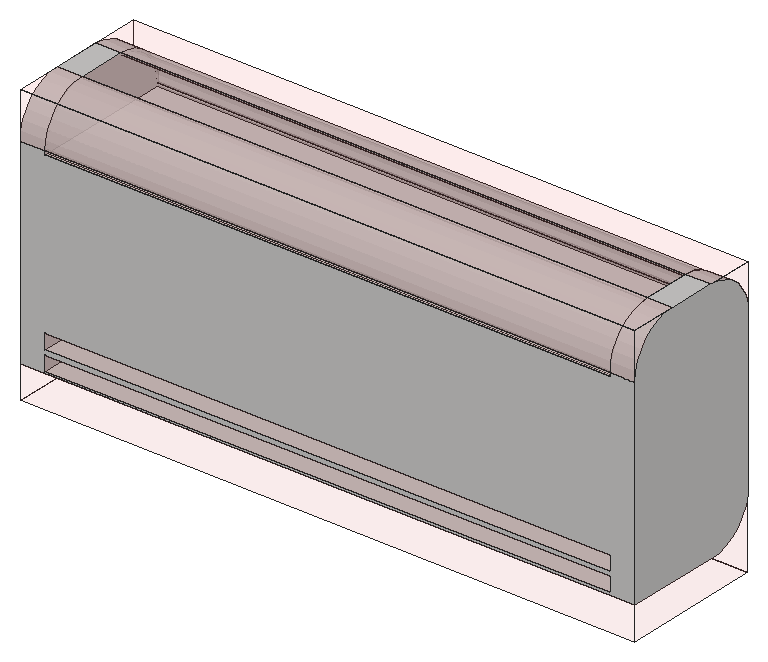
Revit family "Air-Curtain_Climate-Control_PoweredAire_EVE-Unheated", category Mechanical Equipment, host Face, Revit 2020
Family settings
  Host = Face
  Round Connector Dimension = Use Diameter
  Part Type = Normal
  OmniClass Number = 23.75.35.17.21
  OmniClass Title = Air Curtains
  Cut with Voids When Loaded = No
  Shared = No
  Room Calculation Point = No
Parameters
  Warranty Duration (Years) = 0
  Unit Width Notes = "Other Widths available."  # constant formula
  Unit Width = 3' - 1"
  Unit Weight = 59
  Unit Height = 0' - 8 1/2"  # constant formula
  Unit Depth = 1' - 2 205/256"  # constant formula
  URL = "http://www.poweredaire.com/"
  Test Data = ""
  Temperature Rise_Range = "27"
  Standards Conformance = "ETL  ;  Made in USA"
  Specification = "http://www.arcat.com/sdspecs/htm04/23_34_33pai.htm"
  SpecWizard = ""
  Sound Pressure = "53 dBA"
  Sales Information = "https://poweredaire.com/contact"
  Revision = ""
  Projection from Host [instance] = 0' - 2"
  Product Properties = ""
  Product Data = "http://www.arcat.com/arcatcos/cos47/arc47623.html"
  Power Rating = 0 W
  Outlet Volume_Range = "961 CFM"
  Outlet Velocity_Range = "1316 FPM"
  Nozzle Width = 2' - 11"
  Mounting Width = Unit Width - 0' 1"  # 3' - 0"
  Mounting Height [instance] = 3' - 6"
  Motor RPM = 1075
  Motor HP = 0.2
  Motor Count = 1
  Model = "EVE-1-36E"
  Max Height = 12' - 0"
  Manufacturer Website = "http://www.poweredaire.com/"
  Manufacturer Phone - Toll Free = "888-321-2473"
  Manufacturer Phone = "724-588-3305"
  Manufacturer Fax = "724-588-3371"
  Manufacturer Address = "109 Mortensen Rd.  Greenville, PA 16125"
  Manufacturer = "Powered Aire, Inc"
  Maintenance Schedule (Months) = 0
  Keynote = "23 34 33"
  Installation-Fabrication = ""
  Installation Phase = ""
  Include Clearance [instance] = yes
  Heating Element Load = 0 W
  HVAC_Temperature Rise [instance] = 0 °F
  HVAC_Outlet Volume [instance] = 0 CFM
  HVAC_Outlet Velocity Uniformity = 0.87
  HVAC_Outlet Velocity [instance] = 0 FPM
  Green Building-LEED = "http://www.arcat.com/green/clients/leed_data_47623.html"
  Front Grating Material [instance] = Metal - Steel - PoweredAire - Stainless 304 Perforated
  Frame Finish [instance] = Metal - Steel - PoweredAire - Stainless 304
  Expected Lifespan (Years) = 0
  Electrical_Wattage [instance] = Power Rating + Heating Element Load  # 0 W
  Electrical_Voltage [instance] = 0 V
  Electrical_Phase [instance] = 2
  Electrical_Frequency [instance] = 0 Hz
  Electrical_Amperage [instance] = 0 A
  Drawn By = ""
  Description = "Powered Aire Electrically Heated Climate Control Air Curtain - EVE-1-36E as Specified"
  Default Elevation = 0' - 0"  # constant formula
  Copyright = "©Arcat Inc."
  Construction Details = "http://www.arcat.com/details/powair/prod3336.html"
  Clearance_Top [instance] = 0' - 0"
  Clearance_Side B [instance] = 0' - 0"
  Clearance_Side A [instance] = 0' - 0"
  Clearance_Intake [instance] = 0' - 0"
  Clearance_Bottom [instance] = 0' - 0"
  Clearance Material [instance] = ARCAT Clearance
  Building Codes = ""
  Available Options [instance] = "as Specified"
  Assembly Code = "D3090400"
Reference planes (in)
  plane 1 "Center (Elevation)": y = 0.13818
  plane 2: z = 0
  plane 3 "Center (Left/Right)": x = 0
  plane 4: y = 4.38818
  plane 5: y = -4.11182
  plane 6: x = -18.5
  plane 7: x = 18.5
  plane 8: z = 16.80078
  plane 9 "FF": y = -41.86182
  plane 10: z = 2
  plane 11: x = 17
  plane 12: x = -17
  plane 13 "CL-3": y = 4.38818
  plane 14 "CL-2": y = -4.11182
  plane 15: x = -18.5
  plane 16: x = 18.5
  plane 17 "CL-1": z = 16.80078
  plane 18: z = 13.80078
Forms (in)
  Extrusion 1, solid, material "Metal - Steel - PoweredAire - Stainless 304" <- "Frame Finish"
    sketch origin (0, 0, 0) x (0, 1, 0) y (0, 0, 1)
      loop
        line (-4.11182, 14) -> (-4.11182, 2) -> (1.58818, 2)
        arc (1.58818, 2) -> (3.56808, 2.8201) -> (4.38818, 4.8) r 2.8
        line (4.38818, 4.8) -> (4.38818, 14)
        arc (4.38818, 14) -> (3.56808, 15.9799) -> (1.58818, 16.8) r 2.8
        line (1.58818, 16.8) -> (-1.31182, 16.80078)
        arc (-1.31182, 16.80078) -> (-3.29172, 15.9799) -> (-4.11182, 14) r 2.8
    from 17 to 18.5
  Extrusion 2, solid, material "Metal - Steel - PoweredAire - Stainless 304 Perforated" <- "Front Grating Material"
    sketch origin (0, 0, 0) x (0, 1, 0) y (0, 0, 1)
      loop
        arc (-1.31182, 16.8) -> (-3.29172, 15.9799) -> (-4.11182, 14) r 2.8
        line (-4.11182, 14) -> (-4.11182, 13.80078) -> (-3.98682, 13.80078) -> (-3.98682, 14)
        arc (-3.98682, 14) -> (-3.20333, 15.89151) -> (-1.31182, 16.675) r 2.675
        line (-1.31182, 16.675) -> (1.58818, 16.67578)
        arc (1.58818, 16.67578) -> (3.47969, 15.89151) -> (4.26318, 14) r 2.675
        line (4.26318, 14) -> (4.26318, 13.80078) -> (4.38818, 13.80078) -> (4.38818, 14)
        arc (4.38818, 14) -> (3.56808, 15.9799) -> (1.58818, 16.8) r 2.8
        line (1.58818, 16.8) -> (-1.31182, 16.8)
    from -17 to 17
  Extrusion 3, solid, material "ARCAT Clearance" <- "Clearance Material", visible <- "Include Clearance"
    sketch origin (0, 0, 0) x (0, 1, 0) y (0, 0, 1)
      loop
        line (-4.11182, 16.80078) -> (-4.11182, 0) -> (4.38818, 0) -> (4.38818, 16.80078) -> (-4.11182, 16.80078)
    from -18.5 to 18.5
  Extrusion 4, solid, material "Metal - Steel - PoweredAire - Stainless 304" <- "Frame Finish"
    sketch origin (0, 0, 0) x (0, 1, 0) y (0, 0, 1)
      loop
        line (-4.11182, 14) -> (-4.11182, 2) -> (1.58818, 2)
        arc (1.58818, 2) -> (3.56808, 2.8201) -> (4.38818, 4.8) r 2.8
        line (4.38818, 4.8) -> (4.38818, 14)
        arc (4.38818, 14) -> (3.56808, 15.9799) -> (1.58818, 16.8) r 2.8
        line (1.58818, 16.8) -> (-1.31182, 16.80078)
        arc (-1.31182, 16.80078) -> (-3.29172, 15.9799) -> (-4.11182, 14) r 2.8
    from -18.5 to -17
  Extrusion 5, solid, material "Metal - Steel - PoweredAire - Stainless 304" <- "Frame Finish"
    sketch origin (0, 0, 0) x (0, 1, 0) y (0, 0, 1)
      loop
        line (-4.11182, 13.80078) -> (-4.11182, 4.2) -> (-1.86182, 4.2) -> (-1.86182, 3.2875) -> (-4.11182, 3.2875) -> (-4.11182, 3.0375) -> (-1.86182, 3.0375) -> (-1.86182, 2.125) -> (-4.11182, 2.125) -> (-4.11182, 2) -> (1.58818, 2)
        arc (1.58818, 2) -> (3.56808, 2.8201) -> (4.38818, 4.8) r 2.8
        line (4.38818, 4.8) -> (4.38818, 13.80078) -> (-4.11182, 13.80078)
    from -17 to 17
Cuts and joins
  joined: Extrusion 1, Extrusion 4, Extrusion 5
Dimensions and locks (in)
  equal spacing: plane 4, plane 1 "Center (Elevation)", plane 5
  "Unit Height": plane 4 to plane 5
  equal spacing: plane 6, plane 3 "Center (Left/Right)", plane 7
  "Unit Width": plane 6 to plane 7
  "Mounting Height": plane 1 "Center (Elevation)" to plane 9 "FF"
  "Projection from Host": plane 10 to level
  "Unit Depth": plane 8 to plane 10
  locked: plane 6 to plane 12 at 1.5
  locked: plane 11 to plane 7 at 1.5
  "Clearance_Side A": plane 7 to plane 16
  "Clearance_Side B": plane 15 to plane 6
  "Clearance_Top": plane 13 "CL-3" to plane 4
  "Clearance_Bottom": plane 5 to plane 14 "CL-2"
  "Clearance_Intake": plane 17 "CL-1" to plane 8
  locked: plane 8 to plane 18 at 3
  locked: Extrusion 2 sketch curve to plane 18 at 0.19922  (x2)
  locked: Extrusion 1 sketch curve to plane 18 at 0.19922  (x2)
  locked: Extrusion 4 sketch curve to plane 18 at 0.19922  (x2)
  locked: plane 5 to Extrusion 5 sketch curve at 2.25
  Extrusion 5 sketch curve to Extrusion 5 sketch curve to Extrusion 5 sketch curve to Extrusion 5 sketch curve to plane 10 = 0' - 0.9125" locked, 0' - 0 1/4" locked, 0' - 0.9125" locked, 0' - 0 1/8" locked
  locked: plane 8 to Extrusion 2 sketch curve at 0.125
  aligned and locked: plane 2 to host face
  aligned and locked: level to host face
  aligned and locked: plane 7 to Extrusion 1
  aligned and locked: Extrusion 1 to plane 11
  aligned and locked: plane 11 to Extrusion 2
  aligned and locked: Extrusion 2 to plane 12
  aligned and locked: Extrusion 3 sketch curve to plane 17 "CL-1"
  aligned and locked: plane 14 "CL-2" to Extrusion 3 sketch curve
  aligned and locked: level to Extrusion 3 sketch curve
  aligned and locked: Extrusion 3 sketch curve to plane 13 "CL-3"
  aligned and locked: plane 16 to Extrusion 3
  aligned and locked: Extrusion 3 to plane 15
  aligned and locked: plane 12 to Extrusion 4
  aligned and locked: Extrusion 4 to plane 6
  aligned and locked: Extrusion 2 sketch curve to plane 18  (x2)
  aligned and locked: Extrusion 4 sketch curve to plane 10
  aligned and locked: Extrusion 1 sketch curve to plane 10
  aligned and locked: Extrusion 5 sketch curve to plane 18
  aligned and locked: Extrusion 5 sketch curve to plane 10
  aligned and locked: Extrusion 5 to plane 12
  aligned and locked: plane 11 to Extrusion 5
  aligned and locked: plane 8 to Extrusion 1 sketch curve
  aligned and locked: plane 8 to Extrusion 4 sketch curve
  aligned and locked: plane 8 to Extrusion 2 sketch curve
  aligned and locked: Extrusion 5 sketch curve to plane 5  (x2)
  aligned and locked: plane 5 to Extrusion 5 sketch curve
  aligned and locked: plane 4 to Extrusion 1 sketch curve
  aligned and locked: plane 4 to Extrusion 2 sketch curve
  aligned and locked: Extrusion 5 sketch curve to plane 4
Automatic sketch dimensions
  host sketch curve to host sketch curve = 8' - 0"  (x2)
  plane 5 to Extrusion 1 sketch curve = 0' - 2.8"
  plane 1 "Center (Elevation)" to Extrusion 1 sketch curve = 0' - 1.45"
  Extrusion 1 sketch curve to plane 1 "Center (Elevation)" = 0' - 1.45"  (x2)
  Extrusion 1 sketch curve to Extrusion 1 sketch curve = 0' - 0"
  Extrusion 1 sketch curve to plane 5 = 0' - 0"
  Extrusion 4 sketch curve to plane 5 = 0' - 0"
  Extrusion 4 sketch curve to plane 4 = 0' - 0"
  plane 1 "Center (Elevation)" to Extrusion 4 sketch curve = 0' - 1.45"
  Extrusion 4 sketch curve to plane 1 "Center (Elevation)" = 0' - 1.45"  (x2)
  Extrusion 4 sketch curve to Extrusion 4 sketch curve = 0' - 0"  (x2)
  Extrusion 2 sketch curve to plane 4 = 0' - 2.8"
  Extrusion 2 sketch curve to plane 1 "Center (Elevation)" = 0' - 1.45"
  Extrusion 2 sketch curve to Extrusion 2 sketch curve = 0' - 0"  (x6)
  plane 5 to Extrusion 2 sketch curve = 0' - 0 1/8"
  Extrusion 2 sketch curve to plane 4 = 0' - 0 1/8"
  plane 5 to Extrusion 2 sketch curve = 0' - 2.8"
  Extrusion 2 sketch curve to plane 5 = 0' - 0"
  Extrusion 5 sketch curve to Extrusion 5 sketch curve = 0' - 0"
  Extrusion 5 sketch curve to plane 1 "Center (Elevation)" = 0' - 1.45"
  Extrusion 2 sketch curve to Extrusion 2 sketch curve = 0' - 0.00078"
Connectors (in)
  electrical at (-18.5, 0.34532, 10.05725), driven by "Electrical_Voltage", driven by "Electrical_Phase"
    settings: on cut or joined group of Extrusion 1, Extrusion 4, Extrusion 5, index 1, voltage 0 V, apparent load 0 VA, apparent load phase1 0 VA, apparent load phase2 0 VA, apparent load phase3 0 VA, power factor 1, load classification "Other", number of poles 2, system type 31, power factor state 1, is connector primary yes, connector utility no, sub classification motor no, connector description "Power Connector"
